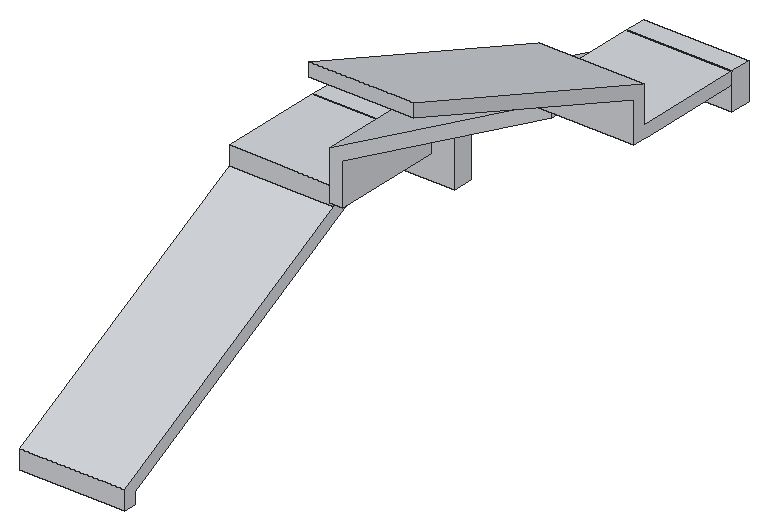
Revit family "BS_ThangBTCT_3 Vế chia bậc", category Structural Framing, Revit 2019
Family settings
  Structural Framing Length Roundoff = 0 mm
  Section Shape = Not Defined
  Material for Model Behavior = Other
  Always export as geometry = No
  Work Plane-Based = No
  Always vertical = No
  Cut with Voids When Loaded = No
  Symbolic Representation = From Family
  Shared = No
  Show family pre-cut in plan views = Yes
Parameters
  Ẩn Dầm [instance] = yes
  x1 [instance] = 50 mm
  VatLieu_Thang [instance] = none
  VatLieu_Dam [instance] = none
  Tổng Chiều Cao [instance] = ChieuNghi_H1 + ChieuNghi_H2 + ChieuNghi_H3  # 4500 mm
  Rong.Thang_R3 [instance] = 1000 mm
  Rong.Thang_R2 [instance] = 1000 mm
  Rong.Thang_R1 [instance] = 1000 mm
  Off_ChanThang [instance] = 180 mm
  Không để x1 = 0 [instance] = ""
  Dầm_H [instance] = 350 mm
  Dầm_B [instance] = 200 mm
  Description = "0914922502"
  Dai.Thang_L3 [instance] = 2800 mm
  Dai.Thang_L2 [instance] = 2000 mm
  Dai.Thang_L1 [instance] = 2500 mm
  ChieuNghi_H3 [instance] = 1400 mm
  ChieuNghi_H2 [instance] = 1600 mm
  ChieuNghi_H1 [instance] = 1500 mm
  ChiaBac_H2 [instance] = 350 mm
  ChiaBac_H1 [instance] = 350 mm
  BanThang_Dày [instance] = 120 mm
  BacThang_Cao [instance] = 175 mm
  BS_Đơn vị tư vấn = "BIM SPEED"
  BS_Người Tạo = "Hoàng Tới"
  Am [instance] = Dầm_B * (-1)  # -200 mm
Reference planes
  plane 1 "Center (Front/Back)": y = 0
  plane 2: z = 0
  plane 3 "Center (Left/Right)": x = 0
  plane 4 "CN2": z = 3100
  plane 5 "CN3": z = 4500
  plane 6 "CN1": z = 1500
  plane 7: x = 1000
  plane 8: y = 2500
  plane 9: y = 3500
  plane 10: x = 3000
  plane 11: x = 4000
  plane 12 "CN4": z = 1325
  plane 13 "CN5": z = 1380
  plane 14 "CN8": z = 2980
  plane 15 "CN9": z = 2925
  plane 16 "CN10": z = 1850
  plane 17: x = 1120
  plane 18 "CN11": z = 3450
  plane 19: y = 2330
  plane 20 "CN12": z = 3275
  plane 21 "CN13": z = 1675
  plane 22: y = -300
  plane 23: y = 2450
Forms (mm)
  Extrusion 1, solid, material <- "VatLieu_Thang"
    sketch origin (0, 0, 0) x (0, 1, 0) y (0, 0, 1)
      loop
        line (0, 0) -> (0, -180) -> (120, -180) -> (120, -72.212) -> (2860.023, 1380) -> (3500, 1380) -> (3500, 1500) -> (2500, 1500) -> (2500, 1325) -> (0, 0)
    from 0 to 1000
  Extrusion 2, solid, material <- "VatLieu_Thang"
    sketch origin (4000, 13578.109, 1200) x (0, 1, 0) y (0, 0, 1)
      loop
        line (-11078.109, 1900) -> (-11128.109, 1900) -> (-11128.109, 2250) -> (-13878.109, 3300) -> (-13878.109, 3171.55) -> (-11248.109, 2167.369) -> (-11248.109, 1780) -> (-11078.109, 1780) -> (-11078.109, 1900)
    from 0 to -1000
  Extrusion 3, solid, material <- "VatLieu_Thang"
    sketch origin (10952.917, 3500, 1200) x (1, 0, 0) y (0, 0, 1)
      loop
        line (-7952.917, 1725) -> (-9952.917, 650) -> (-9952.917, 300) -> (-10952.917, 300) -> (-10952.917, 180) -> (-9832.917, 180) -> (-9832.917, 578.264) -> (-7832.917, 1653.264) -> (-7832.917, 1780) -> (-6952.917, 1780) -> (-6952.917, 1900) -> (-7952.917, 1900) -> (-7952.917, 1725)
    from 0 to 1000
  Extrusion 4, solid, material <- "VatLieu_Dam", visible <- "Ẩn Dầm"
    sketch origin (10952.917, 3500, 1200) x (1, 0, 0) y (0, 0, 1)
      loop
        line (-10952.917, 300) -> (-10952.917, -50) -> (-9602.917, -50) -> (-9602.917, 440.77) -> (-7539.233, 1550) -> (-6952.917, 1550) -> (-6952.917, 1900) -> (-7952.917, 1900) -> (-7952.917, 1725) -> (-9952.917, 650) -> (-9952.917, 300) -> (-10952.917, 300)
    from 0 to -200 <- "Am"
  Extrusion 5, solid, material <- "VatLieu_Thang"
    sketch origin (10952.917, 3500, 1200) x (1, 0, 0) y (0, 0, 1)
      loop
        line (-7952.917, 1725) -> (-9952.917, 650) -> (-9952.917, 180) -> (-9832.917, 180) -> (-9832.917, 578.264) -> (-7832.917, 1653.264) -> (-7832.917, 1780) -> (-6952.917, 1780) -> (-6952.917, 1900) -> (-7952.917, 1900) -> (-7952.917, 1725)
    from 1000 to 1050
Cuts and joins
  joined: Extrusion 1, Extrusion 2, Extrusion 3, Extrusion 5
Dimensions and locks
  "ChieuNghi_H1": plane 2 to plane 6 "CN1"
  "ChieuNghi_H2": plane 6 "CN1" to plane 4 "CN2"
  "ChieuNghi_H3": plane 4 "CN2" to plane 5 "CN3"
  "Rong.Thang_R1": plane 3 "Center (Left/Right)" to plane 7
  "Rong.Thang_R3": plane 10 to plane 11
  "Dai.Thang_L2": plane 7 to plane 10
  "Dai.Thang_L1": plane 1 "Center (Front/Back)" to plane 8
  "Rong.Thang_R2": plane 8 to plane 9
  "BacThang_Cao": plane 6 "CN1" to plane 12 "CN4"
  "BanThang_Dày": plane 6 "CN1" to plane 13 "CN5"
  "BanThang_Dày": Extrusion 1 sketch curve to Extrusion 1 sketch curve
  "ChieuNghi_H1": plane 6 "CN1" to plane 2
  plane 6 "CN1" to plane 12 "CN4" = 175 mm
  plane 6 "CN1" to plane 13 "CN5" = 120 mm
  "BanThang_Dày": plane 4 "CN2" to plane 14 "CN8"
  "BacThang_Cao": plane 4 "CN2" to plane 15 "CN9"
  "BanThang_Dày": Extrusion 1 sketch curve to plane 1 "Center (Front/Back)"
  "Off_ChanThang": Extrusion 1 sketch curve to plane 2
  "Dầm_H": plane 4 "CN2" to Extrusion 4 sketch curve
  "Dầm_H": plane 6 "CN1" to Extrusion 4 sketch curve
  "ChiaBac_H1": plane 16 "CN10" to plane 6 "CN1"
  "BanThang_Dày": plane 17 to plane 7
  "BanThang_Dày": Extrusion 3 sketch curve to Extrusion 3 sketch curve
  "BanThang_Dày": Extrusion 3 sketch curve to cut or joined group of Extrusion 1, Extrusion 2, Extrusion 3, Extrusion 5
  "ChiaBac_H2": plane 18 "CN11" to plane 4 "CN2"
  "Dầm_H": cut or joined group of Extrusion 1, Extrusion 2, Extrusion 3, Extrusion 5 to Extrusion 4 sketch curve  (x2)
  equal spacing: plane 18 "CN11", plane 20 "CN12", plane 4 "CN2"
  equal spacing: plane 16 "CN10", plane 21 "CN13", plane 6 "CN1"
  "Dai.Thang_L3": plane 8 to plane 22
  plane 4 "CN2" to plane 6 "CN1" = 1600 mm
  plane 5 "CN3" to plane 4 "CN2" = 1400 mm
  plane 5 "CN3" to plane 2 = 4500 mm
  plane 16 "CN10" to plane 6 "CN1" = 350 mm
  "BanThang_Dày": plane 23 to plane 19
  "x1": plane 8 to plane 23
  "BanThang_Dày": Extrusion 5 sketch curve to Extrusion 5 sketch curve
  "BanThang_Dày": Extrusion 2 sketch curve to Extrusion 2 sketch curve
  aligned and locked: level to plane 2
  aligned and locked: plane 6 "CN1" to Extrusion 1 sketch curve
  aligned and locked: Extrusion 1 sketch curve to plane 8
  aligned and locked: Extrusion 1 sketch curve to plane 9
  aligned and locked: plane 8 to Extrusion 1 sketch curve
  aligned and locked: plane 12 "CN4" to Extrusion 1 sketch curve
  aligned and locked: Extrusion 1 sketch curve to plane 13 "CN5"
  aligned and locked: plane 1 "Center (Front/Back)" to Extrusion 1 sketch curve
  aligned and locked: plane 2 to Extrusion 1 sketch curve
  aligned and locked: Extrusion 1 to plane 3 "Center (Left/Right)"
  aligned and locked: plane 7 to Extrusion 1
  aligned and locked: Extrusion 2 to plane 10  (x2)
  aligned and locked: plane 11 to Extrusion 2  (x2)
  aligned and locked: Extrusion 3 sketch curve to plane 3 "Center (Left/Right)"
  aligned and locked: plane 6 "CN1" to Extrusion 3 sketch curve
  aligned and locked: Extrusion 3 sketch curve to plane 13 "CN5"
  aligned and locked: plane 7 to Extrusion 3 sketch curve
  aligned and locked: plane 10 to Extrusion 3 sketch curve
  aligned and locked: plane 15 "CN9" to Extrusion 3 sketch curve
  aligned and locked: Extrusion 3 sketch curve to plane 4 "CN2"
  aligned and locked: Extrusion 3 sketch curve to plane 11
  aligned and locked: plane 14 "CN8" to Extrusion 3 sketch curve
  aligned and locked: Extrusion 3 to plane 9
  aligned and locked: Extrusion 4 sketch curve to plane 4 "CN2"
  aligned and locked: plane 10 to Extrusion 4 sketch curve
  aligned and locked: Extrusion 4 sketch curve to plane 11
  aligned and locked: Extrusion 4 sketch curve to plane 3 "Center (Left/Right)"
  aligned and locked: Extrusion 4 sketch curve to plane 6 "CN1"
  aligned and locked: plane 9 to Extrusion 4
  aligned and locked: plane 16 "CN10" to Extrusion 3 sketch curve
  aligned and locked: plane 17 to Extrusion 3 sketch curve
  aligned and locked: Extrusion 2 sketch curve to plane 4 "CN2"
  aligned and locked: plane 19 to Extrusion 2 sketch curve
  aligned and locked: plane 14 "CN8" to Extrusion 2 sketch curve
  aligned and locked: plane 7 to Extrusion 4 sketch curve
  aligned and locked: plane 16 "CN10" to Extrusion 4 sketch curve
  aligned and locked: plane 15 "CN9" to Extrusion 4 sketch curve
  aligned and locked: Extrusion 2 sketch curve to plane 22
  aligned and locked: plane 23 to Extrusion 2 sketch curve
  aligned and locked: plane 18 "CN11" to Extrusion 2 sketch curve
  aligned and locked: plane 8 to Extrusion 3
  aligned and locked: Extrusion 5 to cut or joined group of Extrusion 1, Extrusion 2, Extrusion 3, Extrusion 5
  aligned and locked: Extrusion 5 to plane 8
  aligned and locked: plane 7 to Extrusion 5 sketch curve
  aligned and locked: Extrusion 5 sketch curve to plane 13 "CN5"
  aligned and locked: plane 17 to Extrusion 5 sketch curve
  aligned and locked: plane 16 "CN10" to Extrusion 5 sketch curve
  aligned and locked: plane 10 to Extrusion 5 sketch curve
  aligned and locked: Extrusion 5 sketch curve to plane 11
  aligned and locked: Extrusion 5 sketch curve to plane 4 "CN2"
  aligned and locked: plane 14 "CN8" to Extrusion 5 sketch curve
  aligned and locked: plane 15 "CN9" to Extrusion 5 sketch curve
  aligned and locked: plane 8 to Extrusion 2 sketch curve
  aligned and locked: plane 5 "CN3" to Extrusion 2 sketch curve
Automatic sketch dimensions
  plane 10 to Extrusion 5 sketch curve = 120 mm
